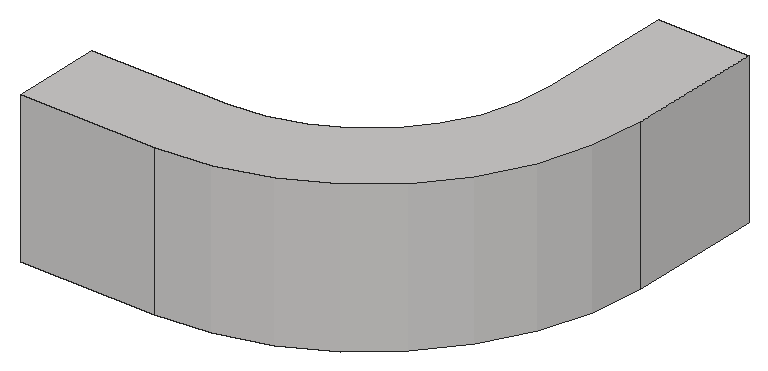
Revit family "S4R_OBO BETTERMANN_CableTray_Bend_Vertical_Inside_RBV S FS", category Cable Tray Fittings, Revit 2012
Parameters
  Wholesaler art.no. = ""
  Wholesaler = ""
  Watermarked By = "www.stabiplan.com"
  WIDTH2 [instance] = WIDTH1  # 100 mm
  WIDTH1 [instance] = 100 mm
  VERSION = "91900"  # constant formula
  URL = "www.stabiplan.com"
  built-in parameter 1140111 [instance] = 1 mm
  TYPE [instance] = "RBV S FS"  # constant formula
  StabiCAD_PM = ""
  Safe_Half_Height2 [instance] = if(not([built-in parameter 1140115] > Half_Height2), [built-in parameter 1140115] - 0.2 mm, Half_Height2)  # 30 mm
  Safe_Half_Height1 [instance] = if(not([built-in parameter 1140115] > Half_Height1), [built-in parameter 1140115] - 0.2 mm, Half_Height1)  # 30 mm
  Manufacturer = "OBO BETTERMANN"  # constant formula
  Lmin [instance] = if(LENGTH1 > LENGTH2, LENGTH2, LENGTH1) - L2_Tail  # 150 mm
  PRODUCTLINE [instance] = "OBO BETTERMANN CableTrays"  # constant formula
  LENGTH2 [instance] = if(and(WIDTH1 = 50 mm, HEIGHT1 = 60 mm, ANGLE2 = 90.00°), 240 mm, if(and(WIDTH1 = 100 mm, HEIGHT1 = 60 mm, ANGLE2 = 90.00°), 240 mm, if(and(WIDTH1 = 150 mm, HEIGHT1 = 60 mm, ANGLE2 = 90.00°), 240 mm, if(and(WIDTH1 = 200 mm, HEIGHT1 = 60 mm, ANGLE2 = 90.00°), 240 mm, if(and(WIDTH1 = 300 mm, HEIGHT1 = 60 mm, ANGLE2 = 90.00°), 240 mm, if(and(WIDTH1 = 400 mm, HEIGHT1 = 60 mm, ANGLE2 = 90.00°), 240 mm, if(and(WIDTH1 = 500 mm, HEIGHT1 = 60 mm, ANGLE2 = 90.00°), 240 mm, if(and(WIDTH1 = 600 mm, HEIGHT1 = 60 mm, ANGLE2 = 90.00°), 240 mm, if(and(WIDTH1 = 550 mm, HEIGHT1 = 110 mm, ANGLE2 = 90.00°), 270 mm, if(and(WIDTH1 = 100 mm, HEIGHT1 = 85 mm, ANGLE2 = 90.00°), 227.5 mm, if(and(WIDTH1 = 150 mm, HEIGHT1 = 85 mm, ANGLE2 = 90.00°), 227.5 mm, if(and(WIDTH1 = 200 mm, HEIGHT1 = 85 mm, ANGLE2 = 90.00°), 227.5 mm, if(and(WIDTH1 = 300 mm, HEIGHT1 = 85 mm, ANGLE2 = 90.00°), 227.5 mm, if(and(WIDTH1 = 400 mm, HEIGHT1 = 85 mm, ANGLE2 = 90.00°), 227.5 mm, if(and(WIDTH1 = 500 mm, HEIGHT1 = 85 mm, ANGLE2 = 90.00°), 227.5 mm, if(and(WIDTH1 = 600 mm, HEIGHT1 = 85 mm, ANGLE2 = 90.00°), 227.5 mm, if(and(WIDTH1 = 50 mm, HEIGHT1 = 35 mm, ANGLE2 = 90.00°), 227.5 mm, if(and(WIDTH1 = 100 mm, HEIGHT1 = 35 mm, ANGLE2 = 90.00°), 227.5 mm, if(and(WIDTH1 = 150 mm, HEIGHT1 = 35 mm, ANGLE2 = 90.00°), 227.5 mm, if(and(WIDTH1 = 200 mm, HEIGHT1 = 35 mm, ANGLE2 = 90.00°), 227.5 mm, if(and(WIDTH1 = 300 mm, HEIGHT1 = 35 mm, ANGLE2 = 90.00°), 227.5 mm, WIDTH1)))))))))))))))))))))  # 240 mm
  LENGTH1 [instance] = if(and(WIDTH1 = 50 mm, HEIGHT1 = 60 mm, ANGLE2 = 90.00°), 240 mm, if(and(WIDTH1 = 100 mm, HEIGHT1 = 60 mm, ANGLE2 = 90.00°), 240 mm, if(and(WIDTH1 = 150 mm, HEIGHT1 = 60 mm, ANGLE2 = 90.00°), 240 mm, if(and(WIDTH1 = 200 mm, HEIGHT1 = 60 mm, ANGLE2 = 90.00°), 240 mm, if(and(WIDTH1 = 300 mm, HEIGHT1 = 60 mm, ANGLE2 = 90.00°), 240 mm, if(and(WIDTH1 = 400 mm, HEIGHT1 = 60 mm, ANGLE2 = 90.00°), 240 mm, if(and(WIDTH1 = 500 mm, HEIGHT1 = 60 mm, ANGLE2 = 90.00°), 240 mm, if(and(WIDTH1 = 600 mm, HEIGHT1 = 60 mm, ANGLE2 = 90.00°), 240 mm, if(and(WIDTH1 = 550 mm, HEIGHT1 = 110 mm, ANGLE2 = 90.00°), 270 mm, if(and(WIDTH1 = 100 mm, HEIGHT1 = 85 mm, ANGLE2 = 90.00°), 227.5 mm, if(and(WIDTH1 = 150 mm, HEIGHT1 = 85 mm, ANGLE2 = 90.00°), 227.5 mm, if(and(WIDTH1 = 200 mm, HEIGHT1 = 85 mm, ANGLE2 = 90.00°), 227.5 mm, if(and(WIDTH1 = 300 mm, HEIGHT1 = 85 mm, ANGLE2 = 90.00°), 227.5 mm, if(and(WIDTH1 = 400 mm, HEIGHT1 = 85 mm, ANGLE2 = 90.00°), 227.5 mm, if(and(WIDTH1 = 500 mm, HEIGHT1 = 85 mm, ANGLE2 = 90.00°), 227.5 mm, if(and(WIDTH1 = 600 mm, HEIGHT1 = 85 mm, ANGLE2 = 90.00°), 227.5 mm, if(and(WIDTH1 = 50 mm, HEIGHT1 = 35 mm, ANGLE2 = 90.00°), 227.5 mm, if(and(WIDTH1 = 100 mm, HEIGHT1 = 35 mm, ANGLE2 = 90.00°), 227.5 mm, if(and(WIDTH1 = 150 mm, HEIGHT1 = 35 mm, ANGLE2 = 90.00°), 227.5 mm, if(and(WIDTH1 = 200 mm, HEIGHT1 = 35 mm, ANGLE2 = 90.00°), 227.5 mm, if(and(WIDTH1 = 300 mm, HEIGHT1 = 35 mm, ANGLE2 = 90.00°), 227.5 mm, WIDTH1)))))))))))))))))))))  # 240 mm
  L2_Tail [instance] = if(ISCUSTOM, 1 mm, 90 mm)  # 90 mm
  L1_Tail [instance] = if(ISCUSTOM, 1 mm, 90 mm)  # 90 mm
  Internal art.no. = ""
  ISCUSTOM [instance] = if(and(WIDTH1 = 50 mm, HEIGHT1 = 60 mm, ANGLE2 = 90.00°), 1 = 0, if(and(WIDTH1 = 100 mm, HEIGHT1 = 60 mm, ANGLE2 = 90.00°), 1 = 0, if(and(WIDTH1 = 150 mm, HEIGHT1 = 60 mm, ANGLE2 = 90.00°), 1 = 0, if(and(WIDTH1 = 200 mm, HEIGHT1 = 60 mm, ANGLE2 = 90.00°), 1 = 0, if(and(WIDTH1 = 300 mm, HEIGHT1 = 60 mm, ANGLE2 = 90.00°), 1 = 0, if(and(WIDTH1 = 400 mm, HEIGHT1 = 60 mm, ANGLE2 = 90.00°), 1 = 0, if(and(WIDTH1 = 500 mm, HEIGHT1 = 60 mm, ANGLE2 = 90.00°), 1 = 0, if(and(WIDTH1 = 600 mm, HEIGHT1 = 60 mm, ANGLE2 = 90.00°), 1 = 0, if(and(WIDTH1 = 550 mm, HEIGHT1 = 110 mm, ANGLE2 = 90.00°), 1 = 0, if(and(WIDTH1 = 100 mm, HEIGHT1 = 85 mm, ANGLE2 = 90.00°), 1 = 0, if(and(WIDTH1 = 150 mm, HEIGHT1 = 85 mm, ANGLE2 = 90.00°), 1 = 0, if(and(WIDTH1 = 200 mm, HEIGHT1 = 85 mm, ANGLE2 = 90.00°), 1 = 0, if(and(WIDTH1 = 300 mm, HEIGHT1 = 85 mm, ANGLE2 = 90.00°), 1 = 0, if(and(WIDTH1 = 400 mm, HEIGHT1 = 85 mm, ANGLE2 = 90.00°), 1 = 0, if(and(WIDTH1 = 500 mm, HEIGHT1 = 85 mm, ANGLE2 = 90.00°), 1 = 0, if(and(WIDTH1 = 600 mm, HEIGHT1 = 85 mm, ANGLE2 = 90.00°), 1 = 0, if(and(WIDTH1 = 50 mm, HEIGHT1 = 35 mm, ANGLE2 = 90.00°), 1 = 0, if(and(WIDTH1 = 100 mm, HEIGHT1 = 35 mm, ANGLE2 = 90.00°), 1 = 0, if(and(WIDTH1 = 150 mm, HEIGHT1 = 35 mm, ANGLE2 = 90.00°), 1 = 0, if(and(WIDTH1 = 200 mm, HEIGHT1 = 35 mm, ANGLE2 = 90.00°), 1 = 0, if(and(WIDTH1 = 300 mm, HEIGHT1 = 35 mm, ANGLE2 = 90.00°), 1 = 0, 1 = 1)))))))))))))))))))))  # no
  IFCExportType = ""
  IFCExportAs = ""
  Half_Height1 [instance] = HEIGHT1 / 2  # 30 mm
  Half_Height2 [instance] = HEIGHT2 / 2  # 30 mm
  HEIGHT2 [instance] = HEIGHT1  # 60 mm
  HEIGHT1 [instance] = 60 mm
  GTINNUMBER [instance] = if(and(WIDTH1 = 50 mm, HEIGHT1 = 60 mm, ANGLE2 = 90.00°), "4012195047315", if(and(WIDTH1 = 100 mm, HEIGHT1 = 60 mm, ANGLE2 = 90.00°), "4012195047322", if(and(WIDTH1 = 150 mm, HEIGHT1 = 60 mm, ANGLE2 = 90.00°), "4012195047339", if(and(WIDTH1 = 200 mm, HEIGHT1 = 60 mm, ANGLE2 = 90.00°), "4012195047346", if(and(WIDTH1 = 300 mm, HEIGHT1 = 60 mm, ANGLE2 = 90.00°), "4012195047377", if(and(WIDTH1 = 400 mm, HEIGHT1 = 60 mm, ANGLE2 = 90.00°), "4012195047384", if(and(WIDTH1 = 500 mm, HEIGHT1 = 60 mm, ANGLE2 = 90.00°), "4012195047391", if(and(WIDTH1 = 600 mm, HEIGHT1 = 60 mm, ANGLE2 = 90.00°), "4012195047407", if(and(WIDTH1 = 550 mm, HEIGHT1 = 110 mm, ANGLE2 = 90.00°), "4012195711780", if(and(WIDTH1 = 100 mm, HEIGHT1 = 85 mm, ANGLE2 = 90.00°), "4012195711537", if(and(WIDTH1 = 150 mm, HEIGHT1 = 85 mm, ANGLE2 = 90.00°), "4012195995692", if(and(WIDTH1 = 200 mm, HEIGHT1 = 85 mm, ANGLE2 = 90.00°), "4012195711544", if(and(WIDTH1 = 300 mm, HEIGHT1 = 85 mm, ANGLE2 = 90.00°), "4012195711575", if(and(WIDTH1 = 400 mm, HEIGHT1 = 85 mm, ANGLE2 = 90.00°), "4012195711582", if(and(WIDTH1 = 500 mm, HEIGHT1 = 85 mm, ANGLE2 = 90.00°), "4012195711599", if(and(WIDTH1 = 600 mm, HEIGHT1 = 85 mm, ANGLE2 = 90.00°), "4012195711605", if(and(WIDTH1 = 50 mm, HEIGHT1 = 35 mm, ANGLE2 = 90.00°), "4012195711414", if(and(WIDTH1 = 100 mm, HEIGHT1 = 35 mm, ANGLE2 = 90.00°), "4012195711421", if(and(WIDTH1 = 150 mm, HEIGHT1 = 35 mm, ANGLE2 = 90.00°), "4012195711438", if(and(WIDTH1 = 200 mm, HEIGHT1 = 35 mm, ANGLE2 = 90.00°), "4012195711445", if(and(WIDTH1 = 300 mm, HEIGHT1 = 35 mm, ANGLE2 = 90.00°), "4012195711452", "Unknown")))))))))))))))))))))  # "4012195047322"
  ETIM article class = ""
  Description = "Vertical CableTray Bend Inside"
  DEEPLINK = "http://catalog1.obo-bettermann.com/catalogue/catalogue.do?forward=showProductGroup&act=showIO&favOid=kts_136081&action=showManyProducts&lang=de&OID=kts_136081&catId="
  Copyright = "© Stabiplan BV / Stabiplan International BV"  # constant formula
  CT2 [instance] = 1
  CT1 [instance] = 1
  BodyColor = Steel
  built-in parameter 1140115 [instance] = Lmin / tan(ANGLE2 / 2)  # 150 mm
  ARTICLENUMBER [instance] = if(and(WIDTH1 = 50 mm, HEIGHT1 = 60 mm, ANGLE2 = 90.00°), "7007001", if(and(WIDTH1 = 100 mm, HEIGHT1 = 60 mm, ANGLE2 = 90.00°), "7007005", if(and(WIDTH1 = 150 mm, HEIGHT1 = 60 mm, ANGLE2 = 90.00°), "7007009", if(and(WIDTH1 = 200 mm, HEIGHT1 = 60 mm, ANGLE2 = 90.00°), "7007013", if(and(WIDTH1 = 300 mm, HEIGHT1 = 60 mm, ANGLE2 = 90.00°), "7007017", if(and(WIDTH1 = 400 mm, HEIGHT1 = 60 mm, ANGLE2 = 90.00°), "7007021", if(and(WIDTH1 = 500 mm, HEIGHT1 = 60 mm, ANGLE2 = 90.00°), "7007025", if(and(WIDTH1 = 600 mm, HEIGHT1 = 60 mm, ANGLE2 = 90.00°), "7007029", if(and(WIDTH1 = 550 mm, HEIGHT1 = 110 mm, ANGLE2 = 90.00°), "7007330", if(and(WIDTH1 = 100 mm, HEIGHT1 = 85 mm, ANGLE2 = 90.00°), "7007230", if(and(WIDTH1 = 150 mm, HEIGHT1 = 85 mm, ANGLE2 = 90.00°), "7007232", if(and(WIDTH1 = 200 mm, HEIGHT1 = 85 mm, ANGLE2 = 90.00°), "7007234", if(and(WIDTH1 = 300 mm, HEIGHT1 = 85 mm, ANGLE2 = 90.00°), "7007238", if(and(WIDTH1 = 400 mm, HEIGHT1 = 85 mm, ANGLE2 = 90.00°), "7007242", if(and(WIDTH1 = 500 mm, HEIGHT1 = 85 mm, ANGLE2 = 90.00°), "7007246", if(and(WIDTH1 = 600 mm, HEIGHT1 = 85 mm, ANGLE2 = 90.00°), "7007250", if(and(WIDTH1 = 50 mm, HEIGHT1 = 35 mm, ANGLE2 = 90.00°), "7007170", if(and(WIDTH1 = 100 mm, HEIGHT1 = 35 mm, ANGLE2 = 90.00°), "7007174", if(and(WIDTH1 = 150 mm, HEIGHT1 = 35 mm, ANGLE2 = 90.00°), "7007178", if(and(WIDTH1 = 200 mm, HEIGHT1 = 35 mm, ANGLE2 = 90.00°), "7007182", if(and(WIDTH1 = 300 mm, HEIGHT1 = 35 mm, ANGLE2 = 90.00°), "7007186", "Unknown")))))))))))))))))))))  # "7007005"
  ARTICLEDESCRIPTION [instance] = "Vertical CableTray Bend Inside"
  ANGLE2 [instance] = 90.00°  # constant formula
Reference planes
  plane 1 "Center (Front/Back)": y = 0
  plane 2: z = 0
  plane 3 "Center (Left/Right)": x = 0
  plane 4: y = 150
  plane 5: x = -150
Forms (mm)
  Sweep 1, solid, material "Steel" <- "BodyColor", detail levels medium
    path in 3D
      loop
        line (-150, 0, 0) -> (-240, 0, 0)
    profile origin (-195, 0, 0) x (0, -1, 0) y (0, 0, 1)
      loop
        line (-30, 50) -> (-30, -50) -> (30, -50) -> (30, 50) -> (-30, 50)
  Sweep 2, solid, material "Steel" <- "BodyColor", detail levels medium
    path in 3D
      loop
        line (0, 150, 0) -> (0, 240, 0)
    profile origin (0, 195, 0) x (-1, 0, 0) y (0, 0, 1)
      loop
        line (30, -50) -> (30, 50) -> (-30, 50) -> (-30, -50) -> (30, -50)
  SweptBlend 3, solid, material "Steel" <- "BodyColor", detail levels medium
    path in 3D
      loop
        arc (-150, 0, 0) -> (-43.934, 43.934, 0) -> (0, 150, 0) r 150
    profile origin (-150, 0, 0) x (0, 1, 0) y (0, 0, 1)
      loop
        line (30, 50) -> (-30, 50) -> (-30, -50) -> (30, -50) -> (30, 50)
    end profile origin (0, 150, 0) x (-1, 0, 0) y (0, 0, 1)
      loop
        line (30, 50) -> (-30, 50) -> (-30, -50) -> (30, -50) -> (30, 50)
  Sweep 4, solid, material "Steel" <- "BodyColor", detail levels fine
    path in 3D
      loop
        line (-150, 0, 0) -> (-240, 0, 0)
    profile origin (-195, 0, 0) x (0, -1, 0) y (0, 0, 1)
      loop
        line (30, 50) -> (-30, 50) -> (-30, 49) -> (29, 49) -> (29, -49) -> (-30, -49) -> (-30, -50) -> (30, -50) -> (30, 50)
  Sweep 5, solid, material "Steel" <- "BodyColor", detail levels fine
    path in 3D
      loop
        line (0, 150, 0) -> (0, 240, 0)
    profile origin (0, 195, 0) x (-1, 0, 0) y (0, 0, 1)
      loop
        line (-30, 50) -> (-30, -50) -> (30, -50) -> (30, -49) -> (-29, -49) -> (-29, 49) -> (30, 49) -> (30, 50) -> (-30, 50)
  SweptBlend 6, solid, material "Steel" <- "BodyColor", detail levels fine
    path in 3D
      loop
        arc (-150, 0, 0) -> (-43.934, 43.934, 0) -> (0, 150, 0) r 150
    profile origin (-150, 0, 0) x (0, 1, 0) y (0, 0, 1)
      loop
        line (-30, 50) -> (-30, -50) -> (30, -50) -> (30, -49) -> (-29, -49) -> (-29, 49) -> (30, 49) -> (30, 50) -> (-30, 50)
    end profile origin (0, 150, 0) x (-1, 0, 0) y (0, 0, 1)
      loop
        line (-30, 50) -> (-30, -50) -> (30, -50) -> (30, -49) -> (-29, -49) -> (-29, 49) -> (30, 49) -> (30, 50) -> (-30, 50)
Cuts and joins
  joined: Sweep 1, Sweep 2, SweptBlend 3
  joined: Sweep 4, Sweep 5, SweptBlend 6
Lines and regions (mm)
  reference lines
    curve 1: line (-150, 150, 0) -> (-150, 0, 0)
    curve 2: line (-150, 0, 0) -> (0, 0, 0)
    curve 3: line (0, 0, 0) -> (0, 150, 0)
    curve 4: line (0, 150, 0) -> (-150, 150, 0)
    curve 5: arc (-150, 0, 0) -> (-43.934, 43.934, 0) -> (0, 150, 0) r 150
    curve 6: line (-150, 0, 0) -> (-240, 0, 0)
    curve 7: line (0, 150, 0) -> (0, 240, 0)
  model lines, style "Coarse", detail levels coarse
    curve 8: line (-150, 0, 0) -> (-240, 0, 0)
    curve 9: arc (-150, 0, 0) -> (-43.934, 43.934, 0) -> (0, 150, 0) r 150
    curve 10: line (0, 150, 0) -> (0, 240, 0)
  sketch lines
    curve 11: line (-150, 0, 0) -> (-240, 0, 0)
    curve 12: line (0, 150, 0) -> (0, 240, 0)
    curve 13: arc (-150, 0, 0) -> (-43.934, 43.934, 0) -> (0, 150, 0) r 150
    curve 14: line (-150, 0, 0) -> (-240, 0, 0)
    curve 15: line (0, 150, 0) -> (0, 240, 0)
    curve 16: arc (-150, 0, 0) -> (-43.934, 43.934, 0) -> (0, 150, 0) r 150
Dimensions and locks
  "Lmin": plane 5 to plane 3 "Center (Left/Right)"
  "built-in parameter 1140115": plane 4 to plane 1 "Center (Front/Back)"
  "built-in parameter 1140115": curve 4 to curve 4
  "built-in parameter 1140115": plane 1 "Center (Front/Back)" to curve 1
  "L1_Tail": curve 6 to curve 6
  "L2_Tail": curve 7 to curve 7
  "L1_Tail": curve 8 to curve 8
  "L2_Tail": curve 10 to curve 10
  equal spacing: Sweep 1 sketch curve, profile plane, Sweep 1 sketch curve  (x2)
  "HEIGHT1": Sweep 1 sketch curve to Sweep 1 sketch curve
  "WIDTH1": Sweep 1 sketch curve to Sweep 1 sketch curve
  equal spacing: Sweep 2 sketch curve, profile plane, Sweep 2 sketch curve  (x2)
  "HEIGHT2": Sweep 2 sketch curve to Sweep 2 sketch curve
  "WIDTH2": Sweep 2 sketch curve to Sweep 2 sketch curve
  equal spacing: SweptBlend 3 sketch curve, profile plane, SweptBlend 3 sketch curve  (x2)
  "WIDTH1": SweptBlend 3 sketch curve to SweptBlend 3 sketch curve
  "WIDTH2": SweptBlend 3 sketch curve to SweptBlend 3 sketch curve
  equal spacing: Sweep 4 sketch curve, profile plane, Sweep 4 sketch curve  (x3)
  "WIDTH1": Sweep 4 sketch curve to Sweep 4 sketch curve
  "built-in parameter 1140111": Sweep 4 sketch curve to Sweep 4 sketch curve  (x3)
  equal spacing: Sweep 5 sketch curve, profile plane, Sweep 5 sketch curve  (x3)
  "WIDTH2": Sweep 5 sketch curve to Sweep 5 sketch curve
  "built-in parameter 1140111": Sweep 5 sketch curve to Sweep 5 sketch curve  (x3)
  "built-in parameter 1140111": SweptBlend 6 sketch curve to SweptBlend 6 sketch curve  (x6)
  equal spacing: SweptBlend 6 sketch curve, profile plane, SweptBlend 6 sketch curve  (x2)
  "WIDTH1": SweptBlend 6 sketch curve to SweptBlend 6 sketch curve
  "WIDTH2": SweptBlend 6 sketch curve to SweptBlend 6 sketch curve
  "HEIGHT2": Sweep 5 sketch curve to Sweep 5 sketch curve
  "HEIGHT1": Sweep 4 sketch curve to Sweep 4 sketch curve
  "Half_Height1": SweptBlend 3 sketch curve to profile plane
  "Safe_Half_Height1": profile plane to SweptBlend 3 sketch curve
  "Half_Height2": profile plane to SweptBlend 3 sketch curve
  "Safe_Half_Height2": SweptBlend 3 sketch curve to profile plane
  "Safe_Half_Height1": profile plane to SweptBlend 6 sketch curve  (x2)
  "Half_Height1": SweptBlend 6 sketch curve to profile plane
  "Safe_Half_Height2": SweptBlend 6 sketch curve to profile plane  (x2)
  "Half_Height2": profile plane to SweptBlend 6 sketch curve
  "built-in parameter 1140115": radius of curve 5
  "ANGLE2": angle plane 5 to curve 4
  locked: curve 7 to curve 4 (angle 90.00°)
  "ANGLE2": angle curve 9 to curve 9
  locked: curve 10 to curve 4 (angle 90.00°)
  aligned and locked: level to plane 2
  aligned and locked: plane 1 "Center (Front/Back)" to curve 2  (x2)
  aligned and locked: plane 3 "Center (Left/Right)" to curve 2
  aligned and locked: curve 1 to plane 5
  aligned and locked: curve 9 to curve 5
Connectors
  cabletrayconduit at (-240, 0, 0), driven by "WIDTH1", driven by "HEIGHT1", driven by "ANGLE2"
    settings: on Sweep 1, index 1, connector width 60 mm, connector height 100 mm, connector radius 300 mm, connector angle 90.00°, system type 32, placement type 0, profile type 1, connector reference index 2, is primary connector yes, connector utility param no, connector description ""
  cabletrayconduit at (0, 240, 0), driven by "ANGLE2", driven by "WIDTH2", driven by "HEIGHT2"
    settings: on Sweep 2, index 2, connector width 60 mm, connector height 100 mm, connector radius 300 mm, connector angle 90.00°, system type 32, placement type 0, profile type 1, connector reference index 1, is primary connector no, connector utility param no, connector description ""
